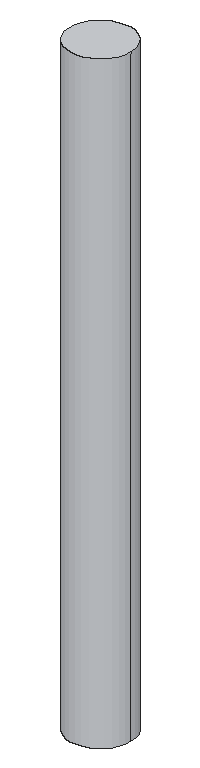
Revit family
Parameters (values of type "300mm Diameter")
  Keynote = "G"
  Diameter = 300.00 mm
  Material = none
  Offset Base = 0.00 mm
  Offset Top = 0.00 mm
Types (4, lengths in mm): name | Diameter
  (no name) | 300.00
  150mm Diameter | 150.00
  300mm Diameter | 300.00
  600mm Diameter | 600.00
Reference planes
  plane 1: y = 0
  plane 2: z = 0
  plane 3: x = 0
  plane 4: x = -150
  plane 5: x = 150
  plane 6: y = 150
  plane 7: y = -150
  plane 8: z = 3000
  plane 9: z = 0
Forms (mm)
  Extrusion 1, solid, material <- "Material"
    sketch origin (0, 0, 0) x (1, 0, 0) y (0, 1, 0)
      loop
        arc (-150, 0) -> (0, -150) -> (150, 0) r 150
        arc (150, 0) -> (106.066, 106.066) -> (0, 150) r 150
        arc (0, 150) -> (-106.066, 106.066) -> (-150, 0) r 150
    from 0 to 3000
Dimensions and locks
  equal spacing: plane 4, plane 3, plane 5
  "Diameter": plane 4 to plane 5
  equal spacing: plane 6, plane 1, plane 7
  "Diameter": plane 7 to plane 6
  "Offset Base": plane 9 to level
  "Offset Top": level to plane 8
  aligned and locked: Extrusion 1 to plane 9
  aligned and locked: plane 8 to Extrusion 1
Automatic sketch dimensions
  Extrusion 1 sketch curve to plane 1 = 0.00 mm  (x2)
  Extrusion 1 sketch curve to plane 4 = 0.00 mm  (x2)
  Extrusion 1 sketch curve to plane 3 = 0.00 mm
